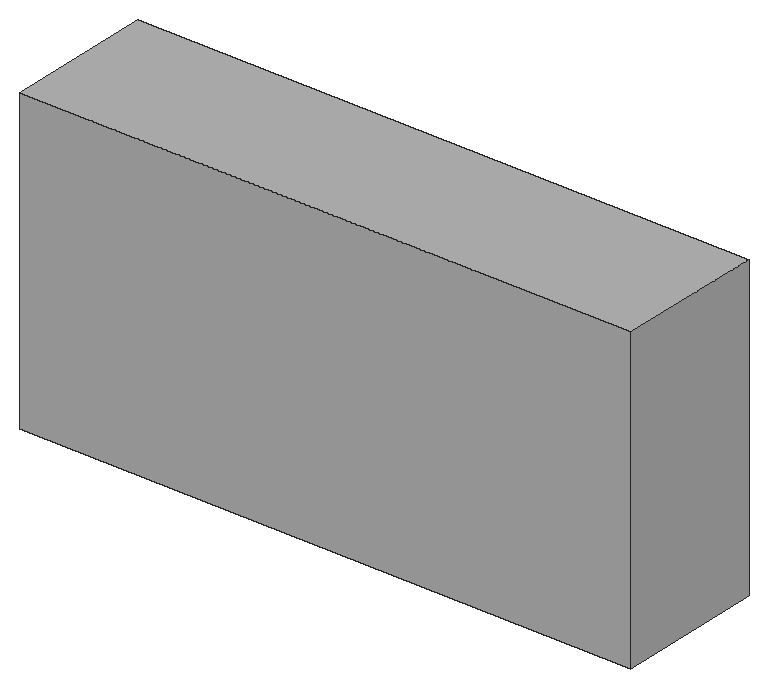
Revit family "215x440x890mm Padstone -PS107", category Generic Models, Revit 2020
Family settings
  Can host rebar = No
  Round Connector Dimension = Use Diameter
  Part Type = Normal
  Work Plane-Based = No
  Always vertical = Yes
  Cut with Voids When Loaded = No
  Shared = No
  Room Calculation Point = No
Parameters
  Weight = "203Kg"
  Warranty Guarantor Parts = "n/a"
  Warranty Guarantor Labour = "n/a"
  Warranty Duration Unit = "n/a"
  Warranty Duration Parts = "n/a"
  Warranty Duration Labour = "n/a"
  Warranty Description = "n/a"
  Unit Width [instance] = 215 mm
  Unit Length [instance] = 890 mm
  Unit Height [instance] = 440 mm
  URL = "www.killeshal.com"
  Types = "Single"
  Type Comments = "Visit our website for a full list of available products."
  Sustainability Performance = "n/a"
  Structural Class = "n/a"
  Span = "Length."
  Slope = "0.00°"
  Size = "215 Wide x 440 High x 890mm Long."
  Shape = "As per drawing"
  Service Life = "0.000000"
  Serial Number = "n/a"
  Resistance to Fire = "n/a"
  Replacement Cost = "n/a"
  Reference = "n/a"
  Notified Body = "n/a"
  Nominal Cover to Main Bar = "n/a"
  Model = "P/107 Padstone."
  Mechanical Resistance = "n/a"
  Manufacturer = "Killeshal Precast Concrete Ltd."
  Load Bearing = yes
  Life Cycle Environmental Load = "n/a"
  Length Options = "Stock sizes available. Custom sizes made to order."
  Keynote = "The information contained is the sole property of KPC Ltd., any reproduction in part or whole without permission of KPC Ltd. is prohibited."
  Environmental Product Declaration = "n/a"
  Environmental Class = "n/a"
  Durability against Corrosion = "n/a"
  Dimension Accuracy Class = "n/a"
  Detailing = "As per design specification and product drawings."
  Description = "Padstone 215 x 440 x 890mm."
  Default Elevation = 0 mm
  Dangerous Substances = "n/a"
  Contact Tel = "0035357 9353018"
  Contact Email = "sales@killeshal.com"
  Construction Type = "Precast"
  Construction Tolerance Class = "n/a"
  Compressive Strength of Concrete = "40N/mm²"
  Characteristics of Reinforcing Steel = "n/a"
  Characteristics Deflection Under Load = "n/a"
Reference planes
  plane 1 "Center (Front/Back)": y = 0
  plane 2: z = 0
  plane 3 "Center (Left/Right)": x = 0
  plane 4 "Rear": y = 107.5
  plane 5 "Front": y = -107.5
  plane 6 "Top": z = 440
Forms (mm)
  Extrusion 1, solid, material "Precast Concrete (KPC)"
    sketch origin (0, 0, 0) x (0, 1, 0) y (0, 0, 1)
      loop
        line (107.5, 0) -> (107.5, 440) -> (-107.5, 440) -> (-107.5, 0) -> (107.5, 0)
    from 0 to 890
Dimensions and locks
  "Unit Length": Extrusion 1 to Extrusion 1
  "Unit Width": Extrusion 1 to Extrusion 1
  "Unit Height": Extrusion 1 to Extrusion 1
  aligned and locked: level to plane 2
Automatic sketch dimensions
  Extrusion 1 sketch curve to level = 0 mm
  Extrusion 1 sketch curve to plane 5 "Front" = 0 mm
  Extrusion 1 sketch curve to plane 4 "Rear" = 0 mm
  Extrusion 1 sketch curve to plane 6 "Top" = 0 mm
